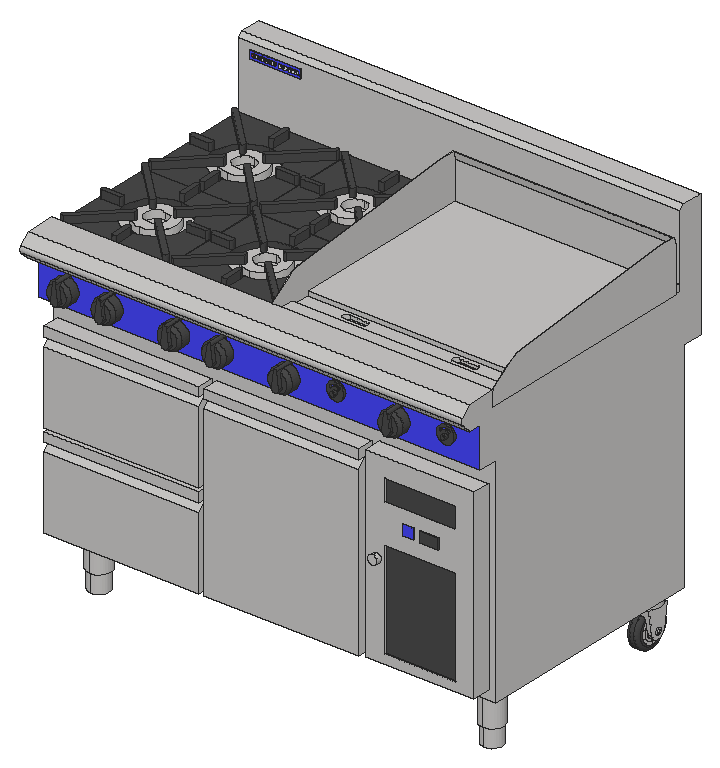
Revit family "QF_MOFFAT_BLUESEAL_CE_G518B-RB", category Specialty Equipment, Revit 2012 (continued)
Definition of nested family "WALDORF LOGO_FACE BASE"
  Forms (mm)
    Extrusion 3, solid, material "QF_Finishes_White", visible <- "Show Logo"
      sketch origin (0, -33.217, 1.588) x (1, 0, 0) y (0, 1, 0)
        loop
          line (91.063, 22.08) -> (83.266, 22.08) -> (83.266, 23.984) -> (86.346, 23.984) -> (86.346, 22.743) -> (92.452, 22.743) -> (92.452, 24.571)
          arc (92.452, 24.571) -> (92.057, 25.524) -> (91.104, 25.919) r 1.348
        loop
          line (70.705, 25.919) -> (59.405, 25.919) -> (59.405, 17.163) -> (70.705, 17.163) -> (70.705, 19.063) -> (65.169, 19.063) -> (65.169, 20.437) -> (70.705, 20.437) -> (70.705, 22.278) -> (65.169, 22.278) -> (65.169, 23.587) -> (70.705, 23.587) -> (70.705, 25.919)
        loop
          line (57.598, 25.919) -> (51.7, 25.919) -> (51.7, 20.18)
          arc (51.7, 20.18) -> (50.63, 19.11) -> (49.56, 20.18) r 1.07
          line (49.56, 20.18) -> (49.56, 25.919) -> (43.663, 25.919) -> (43.663, 19.049)
          arc (43.663, 19.049) -> (44.215, 17.716) -> (45.548, 17.163) r 1.885
          line (45.548, 17.163) -> (55.71, 17.163)
          arc (55.71, 17.163) -> (57.045, 17.716) -> (57.598, 19.051) r 1.887
          line (57.598, 19.051) -> (57.598, 25.919)
        loop
          line (31.62, 25.919) -> (31.62, 17.163) -> (43.046, 17.163) -> (43.046, 19.129) -> (37.388, 19.129) -> (37.388, 25.919) -> (31.62, 25.919)
        loop
          line (15.969, 25.919) -> (15.969, 17.163) -> (28.693, 17.163)
          arc (28.693, 17.163) -> (29.812, 17.627) -> (30.276, 18.746) r 1.582
          line (30.276, 18.746) -> (30.276, 20.447) -> (29.48, 21.243) -> (30.276, 22.039) -> (30.276, 24.332)
          arc (30.276, 24.332) -> (29.811, 25.454) -> (28.688, 25.919) r 1.587
          line (28.688, 25.919) -> (15.969, 25.919)
        loop
          line (21.449, 24.159) -> (21.449, 22.436) -> (23.862, 22.436)
          arc (23.862, 22.436) -> (24.723, 23.298) -> (23.862, 24.159) r 0.861
          line (23.862, 24.159) -> (21.449, 24.159)
        loop
          line (21.449, 20.244) -> (21.449, 18.522) -> (23.862, 18.522)
          arc (23.862, 18.522) -> (24.723, 19.383) -> (23.862, 20.244) r 0.861
          line (23.862, 20.244) -> (21.449, 20.244)
      from 0 to 0.2
    Extrusion 4, solid, material "QF_Finishes_Blue", visible <- "Show Logo"
      sketch origin (-126.498, -31.09, 1.588) x (1, 0, 0) y (0, 1, 0)
        loop
          line (136.738, 23.522) -> (136.738, 15.1)
          arc (136.738, 15.1) -> (140.756, 19.311) -> (136.738, 23.522) r 4.216
      from 0 to 0.2
    Extrusion 5, solid, material "QF_Finishes_Red", visible <- "Show Logo"
      sketch origin (146.849, -31.09, 1.588) x (-1, 0, 0) y (0, -1, 0)
        loop
          arc (136.738, -23.522) -> (140.756, -19.311) -> (136.738, -15.1) r 4.216
          line (136.738, -15.1) -> (136.738, -23.522)
      from 0 to 0.2
  Lines and regions (mm)
    Split face 1
      outline origin (-90.35, -30.793, 1.588) x (1, 0, 0) y (0, 1, 0)
        loop
          circle (100.54, 19.013) r 4.536
  Dimensions and locks
    aligned and locked: plane 2 to Extrusion 1
    aligned and locked: level to Extrusion 1
Definition of nested family "GAS BURNER 600 & GRIDDLE 600"
  Parameters (values of type "GAS BURNER 600 & GRIDDLE 600")
    Width [instance] = 1200.0 mm
    Weight in Pounds = 0
    URL Cutsheet = ""
    Type Mark [instance] = ""
    Status [instance] = ""
    Specification by User [instance] = ""
    Specification by Manufacturer = ""
    Serial Number = ""
    Seismic Rating = ""
    SMACNA No = ""
    Revision Code [instance] = ""
    Omniclass Number and Title = ""
    NAFEM Spec ID Number = ""
    Masterspec = ""
    Item Number [instance] = ""
    Installed By [instance] = ""
    Identify Quantity as Lot [instance] = yes
    Furnished By [instance] = ""
    Foodservice Equipment Identifier [instance] = yes
    Depth [instance] = 635.0 mm
    CSI MasterFormat = ""
    CSI Master Format = ""
  Reference planes
    plane 1 "BACK": y = 0
    plane 2: z = 0
    plane 3 "LEFT": x = 0
    plane 4 "RIGHT": x = 1200
    plane 5 "FRONT": y = -635
    plane 6 "TOP": z = 142.5
    plane 7 "Center Y": x = 600
    plane 8 "Center X": y = -317.5
  Dimensions and locks
    equal spacing: plane 3 "LEFT", plane 7 "Center Y", plane 4 "RIGHT"
    "Width": plane 3 "LEFT" to plane 4 "RIGHT"
    equal spacing: plane 5 "FRONT", plane 8 "Center X", plane 1 "BACK"
    "Depth": plane 5 "FRONT" to plane 1 "BACK"
    aligned and locked: level to plane 2
  Nested families
    nested 1: "GAS BURNER 600" at (0, 0, 0), type "GAS BURNER 600"
      with Width 600.0 mm, Type Mark "", Status "", Specification by User "", Revision Code "", Item Number "", Installed By "", Identify Quantity as Lot yes, Furnished By "", Foodservice Equipment Identifier yes, Depth 635.0 mm
    nested 2: "GAS GRIDDLE PLATE 600" at (600, -15, 0), type "GAS GRIDDLE PLATE 600"
      with Width 600.0 mm, Type Mark "", Status "", Specification by User "", Revision Code "", Item Number "", Installed By "", Identify Quantity as Lot yes, Furnished By "", Foodservice Equipment Identifier yes, Depth 620.0 mm
  Definition of nested family "GAS BURNER 600"
    Parameters (values of type "GAS BURNER 600")
      Width [instance] = 600.0 mm
      Weight in Pounds = 0
      URL Cutsheet = ""
      Type Mark [instance] = ""
      Status [instance] = ""
      Specification by User [instance] = ""
      Specification by Manufacturer = ""
      Serial Number = ""
      Seismic Rating = ""
      SMACNA No = ""
      Revision Code [instance] = ""
      Omniclass Number and Title = ""
      NAFEM Spec ID Number = ""
      Masterspec = ""
      Item Number [instance] = ""
      Installed By [instance] = ""
      Identify Quantity as Lot [instance] = yes
      Furnished By [instance] = ""
      Foodservice Equipment Identifier [instance] = yes
      Depth [instance] = 635.0 mm
      CSI MasterFormat = ""
      CSI Master Format = ""
    Reference planes
      plane 1 "BACK": y = 0
      plane 2: z = 0
      plane 3 "LEFT": x = 0
      plane 4 "RIGHT": x = 600
      plane 5 "FRONT": y = -635
      plane 6 "TOP": z = 142.5
      plane 7 "Center Y": x = 300
      plane 8 "Center X": y = -317.5
    Forms (mm)
      Extrusion 1, solid, material "QF_Finishes_Black"
        sketch origin (0, 0, 0) x (0, -1, 0) y (1, 0, 0)
          loop
            line (318.5, 4) -> (318.5, 296)
            arc (318.5, 296) -> (317.621, 298.121) -> (315.5, 299) r 3
            line (315.5, 299) -> (3, 299)
            arc (3, 299) -> (0.879, 298.121) -> (0, 296) r 3
            line (0, 296) -> (0, 4)
            arc (0, 4) -> (0.879, 1.879) -> (3, 1) r 3
            line (3, 1) -> (315.5, 1)
            arc (315.5, 1) -> (317.621, 1.879) -> (318.5, 4) r 3
          loop
            line (324.5, 1) -> (632, 1)
            arc (632, 1) -> (634.121, 1.879) -> (635, 4) r 3
            line (635, 4) -> (635, 296)
            arc (635, 296) -> (634.121, 298.121) -> (632, 299) r 3
            line (632, 299) -> (324.5, 299)
            arc (324.5, 299) -> (322.379, 298.121) -> (321.5, 296) r 3
            line (321.5, 296) -> (321.5, 4)
            arc (321.5, 4) -> (322.379, 1.879) -> (324.5, 1) r 3
          loop
            circle (168.5, 149.991) r 84.082
          loop
            circle (468.5, 149.991) r 84.082
        from 0 to 19.5
      Extrusion 2, solid, material "QF_Finishes_Black"
        sketch origin (0, 0, 19.5) x (0, -1, 0) y (1, 0, 0)
          loop
            spline (326.102, 15.153) -> (325.181, 13.924) -> (324.631, 12.47) -> (324.49, 10.89) -> (324.767, 9.292) -> (325.443, 7.786) -> (326.473, 6.473) -> (327.786, 5.443) -> (329.292, 4.767) -> (330.89, 4.49) -> (332.47, 4.631) -> (333.924, 5.181) -> (335.153, 6.102)
            line (335.153, 6.102) -> (443.076, 114.025)
            spline (443.076, 114.025) -> (443.837, 115.095) -> (444.238, 116.399) -> (444.251, 117.851) -> (443.875, 119.35) -> (443.137, 120.795) -> (442.086, 122.086) -> (440.795, 123.137) -> (439.35, 123.875) -> (437.851, 124.251) -> (436.399, 124.238) -> (435.095, 123.837) -> (434.025, 123.076)
            line (434.025, 123.076) -> (326.102, 15.153)
          loop
            spline (328.898, 156.4) -> (327.604, 156.182) -> (326.398, 155.543) -> (325.362, 154.525) -> (324.568, 153.2) -> (324.068, 151.656) -> (323.898, 150) -> (324.068, 148.344) -> (324.568, 146.8) -> (325.362, 145.475) -> (326.398, 144.457) -> (327.604, 143.818) -> (328.898, 143.6)
            line (328.898, 143.6) -> (378.102, 143.6)
            spline (378.102, 143.6) -> (379.396, 143.818) -> (380.602, 144.457) -> (381.638, 145.475) -> (382.432, 146.8) -> (382.932, 148.344) -> (383.102, 150) -> (382.932, 151.656) -> (382.432, 153.2) -> (381.638, 154.525) -> (380.602, 155.543) -> (379.396, 156.182) -> (378.102, 156.4)
            line (378.102, 156.4) -> (328.898, 156.4)
          loop
            spline (335.153, 293.898) -> (334.084, 294.659) -> (332.779, 295.059) -> (331.328, 295.072) -> (329.829, 294.697) -> (328.384, 293.959) -> (327.092, 292.908) -> (326.041, 291.616) -> (325.303, 290.171) -> (324.928, 288.672) -> (324.941, 287.221) -> (325.341, 285.916) -> (326.102, 284.847)
            line (326.102, 284.847) -> (434.025, 176.924)
            spline (434.025, 176.924) -> (435.095, 176.163) -> (436.399, 175.762) -> (437.851, 175.749) -> (439.35, 176.125) -> (440.795, 176.863) -> (442.086, 177.914) -> (443.137, 179.205) -> (443.875, 180.65) -> (444.251, 182.149) -> (444.238, 183.601) -> (443.837, 184.905) -> (443.076, 185.975)
            line (443.076, 185.975) -> (335.153, 293.898)
          loop
            line (463.6, 291.102) -> (463.6, 241.898)
            spline (463.6, 241.898) -> (463.818, 240.604) -> (464.457, 239.398) -> (465.475, 238.362) -> (466.8, 237.568) -> (468.344, 237.068) -> (470, 236.898) -> (471.656, 237.068) -> (473.2, 237.568) -> (474.525, 238.362) -> (475.543, 239.398) -> (476.182, 240.604) -> (476.4, 241.898)
            line (476.4, 241.898) -> (476.4, 291.102)
            spline (476.4, 291.102) -> (476.182, 292.396) -> (475.543, 293.602) -> (474.525, 294.638) -> (473.2, 295.432) -> (471.656, 295.932) -> (470, 296.102) -> (468.344, 295.932) -> (466.8, 295.432) -> (465.475, 294.638) -> (464.457, 293.602) -> (463.818, 292.396) -> (463.6, 291.102)
          loop
            spline (612.398, 284.847) -> (613.159, 285.916) -> (613.559, 287.221) -> (613.572, 288.672) -> (613.197, 290.171) -> (612.459, 291.616) -> (611.408, 292.908) -> (610.116, 293.959) -> (608.671, 294.697) -> (607.172, 295.072) -> (605.721, 295.059) -> (604.416, 294.659) -> (603.347, 293.898)
            line (603.347, 293.898) -> (496.924, 185.975)
            spline (496.924, 185.975) -> (496.163, 184.905) -> (495.762, 183.601) -> (495.749, 182.149) -> (496.125, 180.65) -> (496.863, 179.205) -> (497.914, 177.914) -> (499.205, 176.863) -> (500.65, 176.125) -> (502.149, 175.749) -> (503.601, 175.762) -> (504.905, 176.163) -> (505.975, 176.924)
            line (505.975, 176.924) -> (612.398, 284.847)
          loop
            spline (609.602, 143.6) -> (610.896, 143.818) -> (612.102, 144.457) -> (613.138, 145.475) -> (613.932, 146.8) -> (614.432, 148.344) -> (614.602, 150) -> (614.432, 151.656) -> (613.932, 153.2) -> (613.138, 154.525) -> (612.102, 155.543) -> (610.896, 156.182) -> (609.602, 156.4)
            line (609.602, 156.4) -> (561.898, 156.4)
            spline (561.898, 156.4) -> (560.604, 156.182) -> (559.398, 155.543) -> (558.362, 154.525) -> (557.568, 153.2) -> (557.068, 151.656) -> (556.898, 150) -> (557.068, 148.344) -> (557.568, 146.8) -> (558.362, 145.475) -> (559.398, 144.457) -> (560.604, 143.818) -> (561.898, 143.6)
            line (561.898, 143.6) -> (609.602, 143.6)
          loop
            line (612.398, 15.153) -> (505.975, 123.076)
            spline (505.975, 123.076) -> (504.905, 123.837) -> (503.601, 124.238) -> (502.149, 124.251) -> (500.65, 123.875) -> (499.205, 123.137) -> (497.914, 122.086) -> (496.863, 120.795) -> (496.125, 119.35) -> (495.749, 117.851) -> (495.762, 116.399) -> (496.163, 115.095) -> (496.924, 114.025)
            line (496.924, 114.025) -> (603.347, 6.102)
            spline (603.347, 6.102) -> (604.416, 5.341) -> (605.721, 4.941) -> (607.172, 4.928) -> (608.671, 5.303) -> (610.116, 6.041) -> (611.408, 7.092) -> (612.459, 8.384) -> (613.197, 9.829) -> (613.572, 11.328) -> (613.559, 12.779) -> (613.159, 14.084) -> (612.398, 15.153)
          loop
            line (476.4, 8.898) -> (476.4, 58.102)
            spline (476.4, 58.102) -> (476.182, 59.396) -> (475.543, 60.602) -> (474.525, 61.638) -> (473.2, 62.432) -> (471.656, 62.932) -> (470, 63.102) -> (468.344, 62.932) -> (466.8, 62.432) -> (465.475, 61.638) -> (464.457, 60.602) -> (463.818, 59.396) -> (463.6, 58.102)
            line (463.6, 58.102) -> (463.6, 8.898)
            spline (463.6, 8.898) -> (463.818, 7.604) -> (464.457, 6.398) -> (465.475, 5.362) -> (466.8, 4.568) -> (468.344, 4.068) -> (470, 3.898) -> (471.656, 4.068) -> (473.2, 4.568) -> (474.525, 5.362) -> (475.543, 6.398) -> (476.182, 7.604) -> (476.4, 8.898)
          loop
            spline (22.602, 15.153) -> (21.681, 13.924) -> (21.131, 12.47) -> (20.99, 10.89) -> (21.267, 9.292) -> (21.943, 7.786) -> (22.973, 6.473) -> (24.286, 5.443) -> (25.792, 4.767) -> (27.39, 4.49) -> (28.97, 4.631) -> (30.424, 5.181) -> (31.653, 6.102)
            line (31.653, 6.102) -> (139.576, 114.025)
            spline (139.576, 114.025) -> (140.337, 115.095) -> (140.738, 116.399) -> (140.751, 117.851) -> (140.375, 119.35) -> (139.637, 120.795) -> (138.586, 122.086) -> (137.295, 123.137) -> (135.85, 123.875) -> (134.351, 124.251) -> (132.899, 124.238) -> (131.595, 123.837) -> (130.525, 123.076)
            line (130.525, 123.076) -> (22.602, 15.153)
          loop
            spline (25.398, 156.4) -> (24.104, 156.182) -> (22.898, 155.543) -> (21.862, 154.525) -> (21.068, 153.2) -> (20.568, 151.656) -> (20.398, 150) -> (20.568, 148.344) -> (21.068, 146.8) -> (21.862, 145.475) -> (22.898, 144.457) -> (24.104, 143.818) -> (25.398, 143.6)
            line (25.398, 143.6) -> (74.602, 143.6)
            spline (74.602, 143.6) -> (75.896, 143.818) -> (77.102, 144.457) -> (78.138, 145.475) -> (78.932, 146.8) -> (79.432, 148.344) -> (79.602, 150) -> (79.432, 151.656) -> (78.932, 153.2) -> (78.138, 154.525) -> (77.102, 155.543) -> (75.896, 156.182) -> (74.602, 156.4)
            line (74.602, 156.4) -> (25.398, 156.4)
          loop
            spline (31.653, 293.898) -> (30.584, 294.659) -> (29.279, 295.059) -> (27.828, 295.072) -> (26.329, 294.697) -> (24.884, 293.959) -> (23.592, 292.908) -> (22.541, 291.616) -> (21.803, 290.171) -> (21.428, 288.672) -> (21.441, 287.221) -> (21.841, 285.916) -> (22.602, 284.847)
            line (22.602, 284.847) -> (130.525, 176.924)
            spline (130.525, 176.924) -> (131.595, 176.163) -> (132.899, 175.762) -> (134.351, 175.749) -> (135.85, 176.125) -> (137.295, 176.863) -> (138.586, 177.914) -> (139.637, 179.205) -> (140.375, 180.65) -> (140.751, 182.149) -> (140.738, 183.601) -> (140.337, 184.905) -> (139.576, 185.975)
            line (139.576, 185.975) -> (31.653, 293.898)
          loop
            line (160.1, 291.102) -> (160.1, 241.898)
            spline (160.1, 241.898) -> (160.318, 240.604) -> (160.957, 239.398) -> (161.975, 238.362) -> (163.3, 237.568) -> (164.844, 237.068) -> (166.5, 236.898) -> (168.156, 237.068) -> (169.7, 237.568) -> (171.025, 238.362) -> (172.043, 239.398) -> (172.682, 240.604) -> (172.9, 241.898)
            line (172.9, 241.898) -> (172.9, 291.102)
            spline (172.9, 291.102) -> (172.682, 292.396) -> (172.043, 293.602) -> (171.025, 294.638) -> (169.7, 295.432) -> (168.156, 295.932) -> (166.5, 296.102) -> (164.844, 295.932) -> (163.3, 295.432) -> (161.975, 294.638) -> (160.957, 293.602) -> (160.318, 292.396) -> (160.1, 291.102)
          loop
            spline (313.898, 284.847) -> (314.659, 285.916) -> (315.059, 287.221) -> (315.072, 288.672) -> (314.697, 290.171) -> (313.959, 291.616) -> (312.908, 292.908) -> (311.616, 293.959) -> (310.171, 294.697) -> (308.672, 295.072) -> (307.221, 295.059) -> (305.916, 294.659) -> (304.847, 293.898)
            line (304.847, 293.898) -> (193.424, 185.975)
            spline (193.424, 185.975) -> (192.663, 184.905) -> (192.262, 183.601) -> (192.249, 182.149) -> (192.625, 180.65) -> (193.363, 179.205) -> (194.414, 177.914) -> (195.705, 176.863) -> (197.15, 176.125) -> (198.649, 175.749) -> (200.101, 175.762) -> (201.405, 176.163) -> (202.475, 176.924)
            line (202.475, 176.924) -> (313.898, 284.847)
          loop
            spline (311.102, 143.6) -> (312.396, 143.818) -> (313.602, 144.457) -> (314.638, 145.475) -> (315.432, 146.8) -> (315.932, 148.344) -> (316.102, 150) -> (315.932, 151.656) -> (315.432, 153.2) -> (314.638, 154.525) -> (313.602, 155.543) -> (312.396, 156.182) -> (311.102, 156.4)
            line (311.102, 156.4) -> (261.898, 156.4)
            spline (261.898, 156.4) -> (260.604, 156.182) -> (259.398, 155.543) -> (258.362, 154.525) -> (257.568, 153.2) -> (257.068, 151.656) -> (256.898, 150) -> (257.068, 148.344) -> (257.568, 146.8) -> (258.362, 145.475) -> (259.398, 144.457) -> (260.604, 143.818) -> (261.898, 143.6)
            line (261.898, 143.6) -> (311.102, 143.6)
          loop
            line (313.898, 15.153) -> (202.475, 123.076)
            spline (202.475, 123.076) -> (201.405, 123.837) -> (200.101, 124.238) -> (198.649, 124.251) -> (197.15, 123.875) -> (195.705, 123.137) -> (194.414, 122.086) -> (193.363, 120.795) -> (192.625, 119.35) -> (192.249, 117.851) -> (192.262, 116.399) -> (192.663, 115.095) -> (193.424, 114.025)
            line (193.424, 114.025) -> (304.847, 6.102)
            spline (304.847, 6.102) -> (305.916, 5.341) -> (307.221, 4.941) -> (308.672, 4.928) -> (310.171, 5.303) -> (311.616, 6.041) -> (312.908, 7.092) -> (313.959, 8.384) -> (314.697, 9.829) -> (315.072, 11.328) -> (315.059, 12.779) -> (314.659, 14.084) -> (313.898, 15.153)
          loop
            line (172.9, 8.898) -> (172.9, 58.102)
            spline (172.9, 58.102) -> (172.682, 59.396) -> (172.043, 60.602) -> (171.025, 61.638) -> (169.7, 62.432) -> (168.156, 62.932) -> (166.5, 63.102) -> (164.844, 62.932) -> (163.3, 62.432) -> (161.975, 61.638) -> (160.957, 60.602) -> (160.318, 59.396) -> (160.1, 58.102)
            line (160.1, 58.102) -> (160.1, 8.898)
            spline (160.1, 8.898) -> (160.318, 7.604) -> (160.957, 6.398) -> (161.975, 5.362) -> (163.3, 4.568) -> (164.844, 4.068) -> (166.5, 3.898) -> (168.156, 4.068) -> (169.7, 4.568) -> (171.025, 5.362) -> (172.043, 6.398) -> (172.682, 7.604) -> (172.9, 8.898)
        from 0 to 20.5
      Extrusion 3, solid, material "QF_Finishes_Stainless Steel"
        sketch origin (0, -15.098, 0) x (0, -1, 0) y (1, 0, 0)
          loop
            circle (151.402, 150) r 57
          loop
            circle (451.402, 150) r 57
          loop
            circle (151.402, 150) r 30
          loop
            circle (451.402, 150) r 30
        from 0 to 20
      Extrusion 4, solid, material "QF_Finishes_Black"
        sketch origin (600, 0, 0) x (0, -1, 0) y (1, 0, 0)
          loop
            arc (318.5, -4) -> (317.621, -1.879) -> (315.5, -1) r 3
            line (315.5, -1) -> (3, -1)
            arc (3, -1) -> (0.879, -1.879) -> (0, -4) r 3
            line (0, -4) -> (0, -296)
            arc (0, -296) -> (0.879, -298.121) -> (3, -299) r 3
            line (3, -299) -> (315.5, -299)
            arc (315.5, -299) -> (317.621, -298.121) -> (318.5, -296) r 3
            line (318.5, -296) -> (318.5, -4)
          loop
            arc (324.5, -1) -> (322.379, -1.879) -> (321.5, -4) r 3
            line (321.5, -4) -> (321.5, -296)
            arc (321.5, -296) -> (322.379, -298.121) -> (324.5, -299) r 3
            line (324.5, -299) -> (632, -299)
            arc (632, -299) -> (634.121, -298.121) -> (635, -296) r 3
            line (635, -296) -> (635, -4)
            arc (635, -4) -> (634.121, -1.879) -> (632, -1) r 3
            line (632, -1) -> (324.5, -1)
          loop
            circle (168.5, -149.991) r 84.082
          loop
            circle (468.5, -149.991) r 84.082
        from 0 to 19.5
      Extrusion 5, solid, material "QF_Finishes_Black"
        sketch origin (600, 0, 19.5) x (0, -1, 0) y (1, 0, 0)
          loop
            line (326.102, -15.153) -> (434.025, -123.076)
            spline (434.025, -123.076) -> (435.095, -123.837) -> (436.399, -124.238) -> (437.851, -124.251) -> (439.35, -123.875) -> (440.795, -123.137) -> (442.086, -122.086) -> (443.137, -120.795) -> (443.875, -119.35) -> (444.251, -117.851) -> (444.238, -116.399) -> (443.837, -115.095) -> (443.076, -114.025)
            line (443.076, -114.025) -> (335.153, -6.102)
            spline (335.153, -6.102) -> (333.924, -5.181) -> (332.47, -4.631) -> (330.89, -4.49) -> (329.292, -4.767) -> (327.786, -5.443) -> (326.473, -6.473) -> (325.443, -7.786) -> (324.767, -9.292) -> (324.49, -10.89) -> (324.631, -12.47) -> (325.181, -13.924) -> (326.102, -15.153)
          loop
            line (328.898, -156.4) -> (378.102, -156.4)
            spline (378.102, -156.4) -> (379.396, -156.182) -> (380.602, -155.543) -> (381.638, -154.525) -> (382.432, -153.2) -> (382.932, -151.656) -> (383.102, -150) -> (382.932, -148.344) -> (382.432, -146.8) -> (381.638, -145.475) -> (380.602, -144.457) -> (379.396, -143.818) -> (378.102, -143.6)
            line (378.102, -143.6) -> (328.898, -143.6)
            spline (328.898, -143.6) -> (327.604, -143.818) -> (326.398, -144.457) -> (325.362, -145.475) -> (324.568, -146.8) -> (324.068, -148.344) -> (323.898, -150) -> (324.068, -151.656) -> (324.568, -153.2) -> (325.362, -154.525) -> (326.398, -155.543) -> (327.604, -156.182) -> (328.898, -156.4)
          loop
            line (335.153, -293.898) -> (443.076, -185.975)
            spline (443.076, -185.975) -> (443.837, -184.905) -> (444.238, -183.601) -> (444.251, -182.149) -> (443.875, -180.65) -> (443.137, -179.205) -> (442.086, -177.914) -> (440.795, -176.863) -> (439.35, -176.125) -> (437.851, -175.749) -> (436.399, -175.762) -> (435.095, -176.163) -> (434.025, -176.924)
            line (434.025, -176.924) -> (326.102, -284.847)
            spline (326.102, -284.847) -> (325.341, -285.916) -> (324.941, -287.221) -> (324.928, -288.672) -> (325.303, -290.171) -> (326.041, -291.616) -> (327.092, -292.908) -> (328.384, -293.959) -> (329.829, -294.697) -> (331.328, -295.072) -> (332.779, -295.059) -> (334.084, -294.659) -> (335.153, -293.898)
          loop
            spline (463.6, -291.102) -> (463.818, -292.396) -> (464.457, -293.602) -> (465.475, -294.638) -> (466.8, -295.432) -> (468.344, -295.932) -> (470, -296.102) -> (471.656, -295.932) -> (473.2, -295.432) -> (474.525, -294.638) -> (475.543, -293.602) -> (476.182, -292.396) -> (476.4, -291.102)
            line (476.4, -291.102) -> (476.4, -241.898)
            spline (476.4, -241.898) -> (476.182, -240.604) -> (475.543, -239.398) -> (474.525, -238.362) -> (473.2, -237.568) -> (471.656, -237.068) -> (470, -236.898) -> (468.344, -237.068) -> (466.8, -237.568) -> (465.475, -238.362) -> (464.457, -239.398) -> (463.818, -240.604) -> (463.6, -241.898)
            line (463.6, -241.898) -> (463.6, -291.102)
          loop
            line (612.398, -284.847) -> (505.975, -176.924)
            spline (505.975, -176.924) -> (504.905, -176.163) -> (503.601, -175.762) -> (502.149, -175.749) -> (500.65, -176.125) -> (499.205, -176.863) -> (497.914, -177.914) -> (496.863, -179.205) -> (496.125, -180.65) -> (495.749, -182.149) -> (495.762, -183.601) -> (496.163, -184.905) -> (496.924, -185.975)
            line (496.924, -185.975) -> (603.347, -293.898)
            spline (603.347, -293.898) -> (604.416, -294.659) -> (605.721, -295.059) -> (607.172, -295.072) -> (608.671, -294.697) -> (610.116, -293.959) -> (611.408, -292.908) -> (612.459, -291.616) -> (613.197, -290.171) -> (613.572, -288.672) -> (613.559, -287.221) -> (613.159, -285.916) -> (612.398, -284.847)
          loop
            line (609.602, -143.6) -> (561.898, -143.6)
            spline (561.898, -143.6) -> (560.604, -143.818) -> (559.398, -144.457) -> (558.362, -145.475) -> (557.568, -146.8) -> (557.068, -148.344) -> (556.898, -150) -> (557.068, -151.656) -> (557.568, -153.2) -> (558.362, -154.525) -> (559.398, -155.543) -> (560.604, -156.182) -> (561.898, -156.4)
            line (561.898, -156.4) -> (609.602, -156.4)
            spline (609.602, -156.4) -> (610.896, -156.182) -> (612.102, -155.543) -> (613.138, -154.525) -> (613.932, -153.2) -> (614.432, -151.656) -> (614.602, -150) -> (614.432, -148.344) -> (613.932, -146.8) -> (613.138, -145.475) -> (612.102, -144.457) -> (610.896, -143.818) -> (609.602, -143.6)
          loop
            spline (612.398, -15.153) -> (613.159, -14.084) -> (613.559, -12.779) -> (613.572, -11.328) -> (613.197, -9.829) -> (612.459, -8.384) -> (611.408, -7.092) -> (610.116, -6.041) -> (608.671, -5.303) -> (607.172, -4.928) -> (605.721, -4.941) -> (604.416, -5.341) -> (603.347, -6.102)
            line (603.347, -6.102) -> (496.924, -114.025)
            spline (496.924, -114.025) -> (496.163, -115.095) -> (495.762, -116.399) -> (495.749, -117.851) -> (496.125, -119.35) -> (496.863, -120.795) -> (497.914, -122.086) -> (499.205, -123.137) -> (500.65, -123.875) -> (502.149, -124.251) -> (503.601, -124.238) -> (504.905, -123.837) -> (505.975, -123.076)
            line (505.975, -123.076) -> (612.398, -15.153)
          loop
            spline (476.4, -8.898) -> (476.182, -7.604) -> (475.543, -6.398) -> (474.525, -5.362) -> (473.2, -4.568) -> (471.656, -4.068) -> (470, -3.898) -> (468.344, -4.068) -> (466.8, -4.568) -> (465.475, -5.362) -> (464.457, -6.398) -> (463.818, -7.604) -> (463.6, -8.898)
            line (463.6, -8.898) -> (463.6, -58.102)
            spline (463.6, -58.102) -> (463.818, -59.396) -> (464.457, -60.602) -> (465.475, -61.638) -> (466.8, -62.432) -> (468.344, -62.932) -> (470, -63.102) -> (471.656, -62.932) -> (473.2, -62.432) -> (474.525, -61.638) -> (475.543, -60.602) -> (476.182, -59.396) -> (476.4, -58.102)
            line (476.4, -58.102) -> (476.4, -8.898)
          loop
            line (22.602, -15.153) -> (130.525, -123.076)
            spline (130.525, -123.076) -> (131.595, -123.837) -> (132.899, -124.238) -> (134.351, -124.251) -> (135.85, -123.875) -> (137.295, -123.137) -> (138.586, -122.086) -> (139.637, -120.795) -> (140.375, -119.35) -> (140.751, -117.851) -> (140.738, -116.399) -> (140.337, -115.095) -> (139.576, -114.025)
            line (139.576, -114.025) -> (31.653, -6.102)
            spline (31.653, -6.102) -> (30.424, -5.181) -> (28.97, -4.631) -> (27.39, -4.49) -> (25.792, -4.767) -> (24.286, -5.443) -> (22.973, -6.473) -> (21.943, -7.786) -> (21.267, -9.292) -> (20.99, -10.89) -> (21.131, -12.47) -> (21.681, -13.924) -> (22.602, -15.153)
          loop
            line (25.398, -156.4) -> (74.602, -156.4)
            spline (74.602, -156.4) -> (75.896, -156.182) -> (77.102, -155.543) -> (78.138, -154.525) -> (78.932, -153.2) -> (79.432, -151.656) -> (79.602, -150) -> (79.432, -148.344) -> (78.932, -146.8) -> (78.138, -145.475) -> (77.102, -144.457) -> (75.896, -143.818) -> (74.602, -143.6)
            line (74.602, -143.6) -> (25.398, -143.6)
            spline (25.398, -143.6) -> (24.104, -143.818) -> (22.898, -144.457) -> (21.862, -145.475) -> (21.068, -146.8) -> (20.568, -148.344) -> (20.398, -150) -> (20.568, -151.656) -> (21.068, -153.2) -> (21.862, -154.525) -> (22.898, -155.543) -> (24.104, -156.182) -> (25.398, -156.4)
          loop
            line (31.653, -293.898) -> (139.576, -185.975)
            spline (139.576, -185.975) -> (140.337, -184.905) -> (140.738, -183.601) -> (140.751, -182.149) -> (140.375, -180.65) -> (139.637, -179.205) -> (138.586, -177.914) -> (137.295, -176.863) -> (135.85, -176.125) -> (134.351, -175.749) -> (132.899, -175.762) -> (131.595, -176.163) -> (130.525, -176.924)
            line (130.525, -176.924) -> (22.602, -284.847)
            spline (22.602, -284.847) -> (21.841, -285.916) -> (21.441, -287.221) -> (21.428, -288.672) -> (21.803, -290.171) -> (22.541, -291.616) -> (23.592, -292.908) -> (24.884, -293.959) -> (26.329, -294.697) -> (27.828, -295.072) -> (29.279, -295.059) -> (30.584, -294.659) -> (31.653, -293.898)
          loop
            spline (160.1, -291.102) -> (160.318, -292.396) -> (160.957, -293.602) -> (161.975, -294.638) -> (163.3, -295.432) -> (164.844, -295.932) -> (166.5, -296.102) -> (168.156, -295.932) -> (169.7, -295.432) -> (171.025, -294.638) -> (172.043, -293.602) -> (172.682, -292.396) -> (172.9, -291.102)
            line (172.9, -291.102) -> (172.9, -241.898)
            spline (172.9, -241.898) -> (172.682, -240.604) -> (172.043, -239.398) -> (171.025, -238.362) -> (169.7, -237.568) -> (168.156, -237.068) -> (166.5, -236.898) -> (164.844, -237.068) -> (163.3, -237.568) -> (161.975, -238.362) -> (160.957, -239.398) -> (160.318, -240.604) -> (160.1, -241.898)
            line (160.1, -241.898) -> (160.1, -291.102)
          loop
            line (313.898, -284.847) -> (202.475, -176.924)
            spline (202.475, -176.924) -> (201.405, -176.163) -> (200.101, -175.762) -> (198.649, -175.749) -> (197.15, -176.125) -> (195.705, -176.863) -> (194.414, -177.914) -> (193.363, -179.205) -> (192.625, -180.65) -> (192.249, -182.149) -> (192.262, -183.601) -> (192.663, -184.905) -> (193.424, -185.975)
            line (193.424, -185.975) -> (304.847, -293.898)
            spline (304.847, -293.898) -> (305.916, -294.659) -> (307.221, -295.059) -> (308.672, -295.072) -> (310.171, -294.697) -> (311.616, -293.959) -> (312.908, -292.908) -> (313.959, -291.616) -> (314.697, -290.171) -> (315.072, -288.672) -> (315.059, -287.221) -> (314.659, -285.916) -> (313.898, -284.847)
          loop
            line (311.102, -143.6) -> (261.898, -143.6)
            spline (261.898, -143.6) -> (260.604, -143.818) -> (259.398, -144.457) -> (258.362, -145.475) -> (257.568, -146.8) -> (257.068, -148.344) -> (256.898, -150) -> (257.068, -151.656) -> (257.568, -153.2) -> (258.362, -154.525) -> (259.398, -155.543) -> (260.604, -156.182) -> (261.898, -156.4)
            line (261.898, -156.4) -> (311.102, -156.4)
            spline (311.102, -156.4) -> (312.396, -156.182) -> (313.602, -155.543) -> (314.638, -154.525) -> (315.432, -153.2) -> (315.932, -151.656) -> (316.102, -150) -> (315.932, -148.344) -> (315.432, -146.8) -> (314.638, -145.475) -> (313.602, -144.457) -> (312.396, -143.818) -> (311.102, -143.6)
          loop
            spline (313.898, -15.153) -> (314.659, -14.084) -> (315.059, -12.779) -> (315.072, -11.328) -> (314.697, -9.829) -> (313.959, -8.384) -> (312.908, -7.092) -> (311.616, -6.041) -> (310.171, -5.303) -> (308.672, -4.928) -> (307.221, -4.941) -> (305.916, -5.341) -> (304.847, -6.102)
            line (304.847, -6.102) -> (193.424, -114.025)
            spline (193.424, -114.025) -> (192.663, -115.095) -> (192.262, -116.399) -> (192.249, -117.851) -> (192.625, -119.35) -> (193.363, -120.795) -> (194.414, -122.086) -> (195.705, -123.137) -> (197.15, -123.875) -> (198.649, -124.251) -> (200.101, -124.238) -> (201.405, -123.837) -> (202.475, -123.076)
            line (202.475, -123.076) -> (313.898, -15.153)
          loop
            spline (172.9, -8.898) -> (172.682, -7.604) -> (172.043, -6.398) -> (171.025, -5.362) -> (169.7, -4.568) -> (168.156, -4.068) -> (166.5, -3.898) -> (164.844, -4.068) -> (163.3, -4.568) -> (161.975, -5.362) -> (160.957, -6.398) -> (160.318, -7.604) -> (160.1, -8.898)
            line (160.1, -8.898) -> (160.1, -58.102)
            spline (160.1, -58.102) -> (160.318, -59.396) -> (160.957, -60.602) -> (161.975, -61.638) -> (163.3, -62.432) -> (164.844, -62.932) -> (166.5, -63.102) -> (168.156, -62.932) -> (169.7, -62.432) -> (171.025, -61.638) -> (172.043, -60.602) -> (172.682, -59.396) -> (172.9, -58.102)
            line (172.9, -58.102) -> (172.9, -8.898)
        from 0 to 20.5
      Extrusion 6, solid, material "QF_Finishes_Stainless Steel"
        sketch origin (600, -15.098, 0) x (0, -1, 0) y (1, 0, 0)
          loop
            circle (151.402, -150) r 57
          loop
            circle (451.402, -150) r 57
          loop
            circle (151.402, -150) r 30
          loop
            circle (451.402, -150) r 30
        from 0 to 20
    Lines and regions (mm)
      symbolic lines
        curve 1: line (284.847, -22.602, 0) -> (176.924, -130.525, 0)
        curve 2: spline (176.924, -130.525, 0) -> (176.163, -131.595, 0) -> (175.762, -132.899, 0) -> (175.749, -134.351, 0) -> (176.125, -135.85, 0) -> (176.863, -137.295, 0) -> (177.914, -138.586, 0) -> (179.205, -139.637, 0) -> (180.65, -140.375, 0) -> (182.149, -140.751, 0) -> (183.601, -140.738, 0) -> (184.905, -140.337, 0) -> (185.975, -139.576, 0)
        curve 3: line (185.975, -139.576, 0) -> (293.898, -31.653, 0)
        curve 4: spline (293.898, -31.653, 0) -> (294.659, -30.584, 0) -> (295.059, -29.279, 0) -> (295.072, -27.828, 0) -> (294.697, -26.329, 0) -> (293.959, -24.884, 0) -> (292.908, -23.592, 0) -> (291.616, -22.541, 0) -> (290.171, -21.803, 0) -> (288.672, -21.428, 0) -> (287.221, -21.441, 0) -> (285.916, -21.841, 0) -> (284.847, -22.602, 0)
        curve 5: line (291.102, -160.1, 0) -> (241.898, -160.1, 0)
        curve 6: spline (241.898, -160.1, 0) -> (240.604, -160.318, 0) -> (239.398, -160.957, 0) -> (238.362, -161.975, 0) -> (237.568, -163.3, 0) -> (237.068, -164.844, 0) -> (236.898, -166.5, 0) -> (237.068, -168.156, 0) -> (237.568, -169.7, 0) -> (238.362, -171.025, 0) -> (239.398, -172.043, 0) -> (240.604, -172.682, 0) -> (241.898, -172.9, 0)
        curve 7: line (241.898, -172.9, 0) -> (291.102, -172.9, 0)
        curve 8: spline (291.102, -172.9, 0) -> (292.396, -172.682, 0) -> (293.602, -172.043, 0) -> (294.638, -171.025, 0) -> (295.432, -169.7, 0) -> (295.932, -168.156, 0) -> (296.102, -166.5, 0) -> (295.932, -164.844, 0) -> (295.432, -163.3, 0) -> (294.638, -161.975, 0) -> (293.602, -160.957, 0) -> (292.396, -160.318, 0) -> (291.102, -160.1, 0)
        curve 9: line (306.102, -31.653, 0) -> (414.025, -139.576, 0)
        curve 10: spline (414.025, -139.576, 0) -> (415.095, -140.337, 0) -> (416.399, -140.738, 0) -> (417.851, -140.751, 0) -> (419.35, -140.375, 0) -> (420.795, -139.637, 0) -> (422.086, -138.586, 0) -> (423.137, -137.295, 0) -> (423.875, -135.85, 0) -> (424.251, -134.351, 0) -> (424.238, -132.899, 0) -> (423.837, -131.595, 0) -> (423.076, -130.525, 0)
        curve 11: line (423.076, -130.525, 0) -> (315.153, -22.602, 0)
        curve 12: spline (315.153, -22.602, 0) -> (314.084, -21.841, 0) -> (312.779, -21.441, 0) -> (311.328, -21.428, 0) -> (309.829, -21.803, 0) -> (308.384, -22.541, 0) -> (307.092, -23.592, 0) -> (306.041, -24.884, 0) -> (305.303, -26.329, 0) -> (304.928, -27.828, 0) -> (304.941, -29.279, 0) -> (305.341, -30.584, 0) -> (306.102, -31.653, 0)
        curve 13: line (443.6, -25.398, 0) -> (443.6, -74.602, 0)
        curve 14: spline (443.6, -74.602, 0) -> (443.818, -75.896, 0) -> (444.457, -77.102, 0) -> (445.475, -78.138, 0) -> (446.8, -78.932, 0) -> (448.344, -79.432, 0) -> (450, -79.602, 0) -> (451.656, -79.432, 0) -> (453.2, -78.932, 0) -> (454.525, -78.138, 0) -> (455.543, -77.102, 0) -> (456.182, -75.896, 0) -> (456.4, -74.602, 0)
        curve 15: line (456.4, -74.602, 0) -> (456.4, -25.398, 0)
        curve 16: spline (456.4, -25.398, 0) -> (456.182, -24.104, 0) -> (455.543, -22.898, 0) -> (454.525, -21.862, 0) -> (453.2, -21.068, 0) -> (451.656, -20.568, 0) -> (450, -20.398, 0) -> (448.344, -20.568, 0) -> (446.8, -21.068, 0) -> (445.475, -21.862, 0) -> (444.457, -22.898, 0) -> (443.818, -24.104, 0) -> (443.6, -25.398, 0)
        curve 17: line (584.847, -22.602, 0) -> (476.924, -130.525, 0)
        curve 18: spline (476.924, -130.525, 0) -> (476.163, -131.595, 0) -> (475.762, -132.899, 0) -> (475.749, -134.351, 0) -> (476.125, -135.85, 0) -> (476.863, -137.295, 0) -> (477.914, -138.586, 0) -> (479.205, -139.637, 0) -> (480.65, -140.375, 0) -> (482.149, -140.751, 0) -> (483.601, -140.738, 0) -> (484.905, -140.337, 0) -> (485.975, -139.576, 0)
        curve 19: line (485.975, -139.576, 0) -> (593.898, -31.653, 0)
        curve 20: spline (593.898, -31.653, 0) -> (594.819, -30.424, 0) -> (595.369, -28.97, 0) -> (595.51, -27.39, 0) -> (595.233, -25.792, 0) -> (594.557, -24.286, 0) -> (593.527, -22.973, 0) -> (592.214, -21.943, 0) -> (590.708, -21.267, 0) -> (589.11, -20.99, 0) -> (587.53, -21.131, 0) -> (586.076, -21.681, 0) -> (584.847, -22.602, 0)
        curve 21: line (591.102, -160.1, 0) -> (541.898, -160.1, 0)
        curve 22: spline (541.898, -160.1, 0) -> (540.604, -160.318, 0) -> (539.398, -160.957, 0) -> (538.362, -161.975, 0) -> (537.568, -163.3, 0) -> (537.068, -164.844, 0) -> (536.898, -166.5, 0) -> (537.068, -168.156, 0) -> (537.568, -169.7, 0) -> (538.362, -171.025, 0) -> (539.398, -172.043, 0) -> (540.604, -172.682, 0) -> (541.898, -172.9, 0)
        curve 23: line (541.898, -172.9, 0) -> (591.102, -172.9, 0)
        curve 24: spline (591.102, -172.9, 0) -> (592.396, -172.682, 0) -> (593.602, -172.043, 0) -> (594.638, -171.025, 0) -> (595.432, -169.7, 0) -> (595.932, -168.156, 0) -> (596.102, -166.5, 0) -> (595.932, -164.844, 0) -> (595.432, -163.3, 0) -> (594.638, -161.975, 0) -> (593.602, -160.957, 0) -> (592.396, -160.318, 0) -> (591.102, -160.1, 0)
        curve 25: line (593.898, -304.847, 0) -> (485.975, -193.424, 0)
        curve 26: spline (485.975, -193.424, 0) -> (484.905, -192.663, 0) -> (483.601, -192.262, 0) -> (482.149, -192.249, 0) -> (480.65, -192.625, 0) -> (479.205, -193.363, 0) -> (477.914, -194.414, 0) -> (476.863, -195.705, 0) -> (476.125, -197.15, 0) -> (475.749, -198.649, 0) -> (475.762, -200.101, 0) -> (476.163, -201.405, 0) -> (476.924, -202.475, 0)
        curve 27: line (476.924, -202.475, 0) -> (584.847, -313.898, 0)
        curve 28: spline (584.847, -313.898, 0) -> (585.916, -314.659, 0) -> (587.221, -315.059, 0) -> (588.672, -315.072, 0) -> (590.171, -314.697, 0) -> (591.616, -313.959, 0) -> (592.908, -312.908, 0) -> (593.959, -311.616, 0) -> (594.697, -310.171, 0) -> (595.072, -308.672, 0) -> (595.059, -307.221, 0) -> (594.659, -305.916, 0) -> (593.898, -304.847, 0)
        curve 29: arc (450, -223.5, 0) -> (468.725, -220.336, 0) -> (485.372, -211.197, 0) r 57
        curve 30: arc (450, -109.5, 0) -> (431.183, -112.696, 0) -> (414.475, -121.924, 0) r 57
        curve 31: arc (450.009, -84.418, 0) -> (478.534, -89.404, 0) -> (503.676, -103.773, 0) r 84.082
        curve 32: arc (450.009, -252.582, 0) -> (420.453, -247.216, 0) -> (394.669, -231.803, 0) r 84.082
        curve 33: arc (450, -136.5, 0) -> (480, -166.5, 0) -> (450, -196.5, 0) r 30
        curve 34: arc (450, -196.5, 0) -> (420, -166.5, 0) -> (450, -136.5, 0) r 30
        curve 35: arc (150, -223.5, 0) -> (168.725, -220.336, 0) -> (185.372, -211.197, 0) r 57
        curve 36: arc (150, -109.5, 0) -> (131.183, -112.696, 0) -> (114.475, -121.924, 0) r 57
        curve 37: arc (149.991, -84.418, 0) -> (178.523, -89.406, 0) -> (203.668, -103.781, 0) r 84.082
        curve 38: arc (149.991, -252.582, 0) -> (120.441, -247.219, 0) -> (94.661, -231.812, 0) r 84.082
        curve 39: line (156.4, -74.602, 0) -> (156.4, -25.398, 0)
        curve 40: spline (156.4, -25.398, 0) -> (156.182, -24.104, 0) -> (155.543, -22.898, 0) -> (154.525, -21.862, 0) -> (153.2, -21.068, 0) -> (151.656, -20.568, 0) -> (150, -20.398, 0) -> (148.344, -20.568, 0) -> (146.8, -21.068, 0) -> (145.475, -21.862, 0) -> (144.457, -22.898, 0) -> (143.818, -24.104, 0) -> (143.6, -25.398, 0)
        curve 41: line (143.6, -25.398, 0) -> (143.6, -74.602, 0)
        curve 42: spline (143.6, -74.602, 0) -> (143.818, -75.896, 0) -> (144.457, -77.102, 0) -> (145.475, -78.138, 0) -> (146.8, -78.932, 0) -> (148.344, -79.432, 0) -> (150, -79.602, 0) -> (151.656, -79.432, 0) -> (153.2, -78.932, 0) -> (154.525, -78.138, 0) -> (155.543, -77.102, 0) -> (156.182, -75.896, 0) -> (156.4, -74.602, 0)
        curve 43: line (358.102, -160.1, 0) -> (308.898, -160.1, 0)
        curve 44: spline (308.898, -160.1, 0) -> (307.604, -160.318, 0) -> (306.398, -160.957, 0) -> (305.362, -161.975, 0) -> (304.568, -163.3, 0) -> (304.068, -164.844, 0) -> (303.898, -166.5, 0) -> (304.068, -168.156, 0) -> (304.568, -169.7, 0) -> (305.362, -171.025, 0) -> (306.398, -172.043, 0) -> (307.604, -172.682, 0) -> (308.898, -172.9, 0)
        curve 45: line (308.898, -172.9, 0) -> (358.102, -172.9, 0)
        curve 46: spline (358.102, -172.9, 0) -> (359.396, -172.682, 0) -> (360.602, -172.043, 0) -> (361.638, -171.025, 0) -> (362.432, -169.7, 0) -> (362.932, -168.156, 0) -> (363.102, -166.5, 0) -> (362.932, -164.844, 0) -> (362.432, -163.3, 0) -> (361.638, -161.975, 0) -> (360.602, -160.957, 0) -> (359.396, -160.318, 0) -> (358.102, -160.1, 0)
        curve 47: line (414.025, -193.424, 0) -> (306.102, -304.847, 0)
        curve 48: spline (306.102, -304.847, 0) -> (305.341, -305.916, 0) -> (304.941, -307.221, 0) -> (304.928, -308.672, 0) -> (305.303, -310.171, 0) -> (306.041, -311.616, 0) -> (307.092, -312.908, 0) -> (308.384, -313.959, 0) -> (309.829, -314.697, 0) -> (311.328, -315.072, 0) -> (312.779, -315.059, 0) -> (314.084, -314.659, 0) -> (315.153, -313.898, 0)
        curve 49: line (315.153, -313.898, 0) -> (423.076, -202.475, 0)
        curve 50: spline (423.076, -202.475, 0) -> (423.837, -201.405, 0) -> (424.238, -200.101, 0) -> (424.251, -198.649, 0) -> (423.875, -197.15, 0) -> (423.137, -195.705, 0) -> (422.086, -194.414, 0) -> (420.795, -193.363, 0) -> (419.35, -192.625, 0) -> (417.851, -192.249, 0) -> (416.399, -192.262, 0) -> (415.095, -192.663, 0) -> (414.025, -193.424, 0)
        curve 51: line (456.4, -311.102, 0) -> (456.4, -261.898, 0)
        curve 52: spline (456.4, -261.898, 0) -> (456.182, -260.604, 0) -> (455.543, -259.398, 0) -> (454.525, -258.362, 0) -> (453.2, -257.568, 0) -> (451.656, -257.068, 0) -> (450, -256.898, 0) -> (448.344, -257.068, 0) -> (446.8, -257.568, 0) -> (445.475, -258.362, 0) -> (444.457, -259.398, 0) -> (443.818, -260.604, 0) -> (443.6, -261.898, 0)
        curve 53: line (443.6, -261.898, 0) -> (443.6, -311.102, 0)
        curve 54: spline (443.6, -311.102, 0) -> (443.818, -312.396, 0) -> (444.457, -313.602, 0) -> (445.475, -314.638, 0) -> (446.8, -315.432, 0) -> (448.344, -315.932, 0) -> (450, -316.102, 0) -> (451.656, -315.932, 0) -> (453.2, -315.432, 0) -> (454.525, -314.638, 0) -> (455.543, -313.602, 0) -> (456.182, -312.396, 0) -> (456.4, -311.102, 0)
        curve 55: line (596, 0, 0) -> (304, 0, 0)
        curve 56: arc (304, 0, 0) -> (301.879, -0.879, 0) -> (301, -3, 0) r 3
        curve 57: line (301, -3, 0) -> (301, -315.5, 0)
        curve 58: arc (301, -315.5, 0) -> (301.879, -317.621, 0) -> (304, -318.5, 0) r 3
        curve 59: line (304, -318.5, 0) -> (596, -318.5, 0)
        curve 60: arc (596, -318.5, 0) -> (598.121, -317.621, 0) -> (599, -315.5, 0) r 3
        curve 61: line (599, -315.5, 0) -> (599, -3, 0)
        curve 62: arc (599, -3, 0) -> (598.121, -0.879, 0) -> (596, 0, 0) r 3
        curve 63: line (296, 0, 0) -> (4, 0, 0)
        curve 64: arc (4, 0, 0) -> (1.879, -0.879, 0) -> (1, -3, 0) r 3
        curve 65: line (1, -3, 0) -> (1, -315.5, 0)
        curve 66: arc (1, -315.5, 0) -> (1.879, -317.621, 0) -> (4, -318.5, 0) r 3
        curve 67: line (4, -318.5, 0) -> (296, -318.5, 0)
        curve 68: arc (296, -318.5, 0) -> (298.121, -317.621, 0) -> (299, -315.5, 0) r 3
        curve 69: line (299, -315.5, 0) -> (299, -3, 0)
        curve 70: arc (299, -3, 0) -> (298.121, -0.879, 0) -> (296, 0, 0) r 3
        curve 71: line (296, -321.5, 0) -> (4, -321.5, 0)
        curve 72: arc (4, -321.5, 0) -> (1.879, -322.379, 0) -> (1, -324.5, 0) r 3
        curve 73: line (1, -324.5, 0) -> (1, -632, 0)
        curve 74: arc (1, -632, 0) -> (1.879, -634.121, 0) -> (4, -635, 0) r 3
        curve 75: line (4, -635, 0) -> (296, -635, 0)
        curve 76: arc (296, -635, 0) -> (298.121, -634.121, 0) -> (299, -632, 0) r 3
        curve 77: line (299, -632, 0) -> (299, -324.5, 0)
        curve 78: arc (299, -324.5, 0) -> (298.121, -322.379, 0) -> (296, -321.5, 0) r 3
        curve 79: line (596, -321.5, 0) -> (304, -321.5, 0)
        curve 80: arc (304, -321.5, 0) -> (301.879, -322.379, 0) -> (301, -324.5, 0) r 3
        curve 81: line (301, -324.5, 0) -> (301, -632, 0)
        curve 82: arc (301, -632, 0) -> (301.879, -634.121, 0) -> (304, -635, 0) r 3
        curve 83: line (304, -635, 0) -> (596, -635, 0)
        curve 84: arc (596, -635, 0) -> (598.121, -634.121, 0) -> (599, -632, 0) r 3
        curve 85: line (599, -632, 0) -> (599, -324.5, 0)
        curve 86: arc (599, -324.5, 0) -> (598.121, -322.379, 0) -> (596, -321.5, 0) r 3
        curve 87: line (293.898, -304.847, 0) -> (185.975, -193.424, 0)
        curve 88: spline (185.975, -193.424, 0) -> (184.905, -192.663, 0) -> (183.601, -192.262, 0) -> (182.149, -192.249, 0) -> (180.65, -192.625, 0) -> (179.205, -193.363, 0) -> (177.914, -194.414, 0) -> (176.863, -195.705, 0) -> (176.125, -197.15, 0) -> (175.749, -198.649, 0) -> (175.762, -200.101, 0) -> (176.163, -201.405, 0) -> (176.924, -202.475, 0)
        curve 89: line (176.924, -202.475, 0) -> (284.847, -313.898, 0)
        curve 90: spline (284.847, -313.898, 0) -> (285.916, -314.659, 0) -> (287.221, -315.059, 0) -> (288.672, -315.072, 0) -> (290.171, -314.697, 0) -> (291.616, -313.959, 0) -> (292.908, -312.908, 0) -> (293.959, -311.616, 0) -> (294.697, -310.171, 0) -> (295.072, -308.672, 0) -> (295.059, -307.221, 0) -> (294.659, -305.916, 0) -> (293.898, -304.847, 0)
        curve 91: line (15.153, -313.898, 0) -> (123.076, -202.475, 0)
        curve 92: spline (123.076, -202.475, 0) -> (123.837, -201.405, 0) -> (124.238, -200.101, 0) -> (124.251, -198.649, 0) -> (123.875, -197.15, 0) -> (123.137, -195.705, 0) -> (122.086, -194.414, 0) -> (120.795, -193.363, 0) -> (119.35, -192.625, 0) -> (117.851, -192.249, 0) -> (116.399, -192.262, 0) -> (115.095, -192.663, 0) -> (114.025, -193.424, 0)
        curve 93: line (114.025, -193.424, 0) -> (6.102, -304.847, 0)
        curve 94: spline (6.102, -304.847, 0) -> (5.341, -305.916, 0) -> (4.941, -307.221, 0) -> (4.928, -308.672, 0) -> (5.303, -310.171, 0) -> (6.041, -311.616, 0) -> (7.092, -312.908, 0) -> (8.384, -313.959, 0) -> (9.829, -314.697, 0) -> (11.328, -315.072, 0) -> (12.779, -315.059, 0) -> (14.084, -314.659, 0) -> (15.153, -313.898, 0)
        curve 95: line (8.898, -172.9, 0) -> (58.102, -172.9, 0)
        curve 96: spline (58.102, -172.9, 0) -> (59.396, -172.682, 0) -> (60.602, -172.043, 0) -> (61.638, -171.025, 0) -> (62.432, -169.7, 0) -> (62.932, -168.156, 0) -> (63.102, -166.5, 0) -> (62.932, -164.844, 0) -> (62.432, -163.3, 0) -> (61.638, -161.975, 0) -> (60.602, -160.957, 0) -> (59.396, -160.318, 0) -> (58.102, -160.1, 0)
        curve 97: line (58.102, -160.1, 0) -> (8.898, -160.1, 0)
        curve 98: spline (8.898, -160.1, 0) -> (7.604, -160.318, 0) -> (6.398, -160.957, 0) -> (5.362, -161.975, 0) -> (4.568, -163.3, 0) -> (4.068, -164.844, 0) -> (3.898, -166.5, 0) -> (4.068, -168.156, 0) -> (4.568, -169.7, 0) -> (5.362, -171.025, 0) -> (6.398, -172.043, 0) -> (7.604, -172.682, 0) -> (8.898, -172.9, 0)
        curve 99: line (6.102, -31.653, 0) -> (114.025, -139.576, 0)
        curve 100: spline (114.025, -139.576, 0) -> (115.095, -140.337, 0) -> (116.399, -140.738, 0) -> (117.851, -140.751, 0) -> (119.35, -140.375, 0) -> (120.795, -139.637, 0) -> (122.086, -138.586, 0) -> (123.137, -137.295, 0) -> (123.875, -135.85, 0) -> (124.251, -134.351, 0) -> (124.238, -132.899, 0) -> (123.837, -131.595, 0) -> (123.076, -130.525, 0)
        curve 101: line (123.076, -130.525, 0) -> (15.153, -22.602, 0)
        curve 102: spline (15.153, -22.602, 0) -> (13.924, -21.681, 0) -> (12.47, -21.131, 0) -> (10.89, -20.99, 0) -> (9.292, -21.267, 0) -> (7.786, -21.943, 0) -> (6.473, -22.973, 0) -> (5.443, -24.286, 0) -> (4.767, -25.792, 0) -> (4.49, -27.39, 0) -> (4.631, -28.97, 0) -> (5.181, -30.424, 0) -> (6.102, -31.653, 0)
        curve 103: arc (150, -136.5, 0) -> (180, -166.5, 0) -> (150, -196.5, 0) r 30
        curve 104: arc (150, -196.5, 0) -> (120, -166.5, 0) -> (150, -136.5, 0) r 30
        curve 105: line (156.4, -311.102, 0) -> (156.4, -261.898, 0)
        curve 106: spline (156.4, -261.898, 0) -> (156.182, -260.604, 0) -> (155.543, -259.398, 0) -> (154.525, -258.362, 0) -> (153.2, -257.568, 0) -> (151.656, -257.068, 0) -> (150, -256.898, 0) -> (148.344, -257.068, 0) -> (146.8, -257.568, 0) -> (145.475, -258.362, 0) -> (144.457, -259.398, 0) -> (143.818, -260.604, 0) -> (143.6, -261.898, 0)
        curve 107: line (143.6, -261.898, 0) -> (143.6, -311.102, 0)
        curve 108: spline (143.6, -311.102, 0) -> (143.818, -312.396, 0) -> (144.457, -313.602, 0) -> (145.475, -314.638, 0) -> (146.8, -315.432, 0) -> (148.344, -315.932, 0) -> (150, -316.102, 0) -> (151.656, -315.932, 0) -> (153.2, -315.432, 0) -> (154.525, -314.638, 0) -> (155.543, -313.602, 0) -> (156.182, -312.396, 0) -> (156.4, -311.102, 0)
        curve 109: line (156.4, -378.102, 0) -> (156.4, -328.898, 0)
        curve 110: spline (156.4, -328.898, 0) -> (156.182, -327.604, 0) -> (155.543, -326.398, 0) -> (154.525, -325.362, 0) -> (153.2, -324.568, 0) -> (151.656, -324.068, 0) -> (150, -323.898, 0) -> (148.344, -324.068, 0) -> (146.8, -324.568, 0) -> (145.475, -325.362, 0) -> (144.457, -326.398, 0) -> (143.818, -327.604, 0) -> (143.6, -328.898, 0)
        curve 111: line (143.6, -328.898, 0) -> (143.6, -378.102, 0)
        curve 112: spline (143.6, -378.102, 0) -> (143.818, -379.396, 0) -> (144.457, -380.602, 0) -> (145.475, -381.638, 0) -> (146.8, -382.432, 0) -> (148.344, -382.932, 0) -> (150, -383.102, 0) -> (151.656, -382.932, 0) -> (153.2, -382.432, 0) -> (154.525, -381.638, 0) -> (155.543, -380.602, 0) -> (156.182, -379.396, 0) -> (156.4, -378.102, 0)
        curve 113: line (284.847, -326.102, 0) -> (176.924, -434.025, 0)
        curve 114: spline (176.924, -434.025, 0) -> (176.163, -435.095, 0) -> (175.762, -436.399, 0) -> (175.749, -437.851, 0) -> (176.125, -439.35, 0) -> (176.863, -440.795, 0) -> (177.914, -442.086, 0) -> (179.205, -443.137, 0) -> (180.65, -443.875, 0) -> (182.149, -444.251, 0) -> (183.601, -444.238, 0) -> (184.905, -443.837, 0) -> (185.975, -443.076, 0)
        curve 115: line (185.975, -443.076, 0) -> (293.898, -335.153, 0)
        curve 116: spline (293.898, -335.153, 0) -> (294.659, -334.084, 0) -> (295.059, -332.779, 0) -> (295.072, -331.328, 0) -> (294.697, -329.829, 0) -> (293.959, -328.384, 0) -> (292.908, -327.092, 0) -> (291.616, -326.041, 0) -> (290.171, -325.303, 0) -> (288.672, -324.928, 0) -> (287.221, -324.941, 0) -> (285.916, -325.341, 0) -> (284.847, -326.102, 0)
        curve 117: line (123.076, -434.025, 0) -> (15.153, -326.102, 0)
        curve 118: spline (15.153, -326.102, 0) -> (13.924, -325.181, 0) -> (12.47, -324.631, 0) -> (10.89, -324.49, 0) -> (9.292, -324.767, 0) -> (7.786, -325.443, 0) -> (6.473, -326.473, 0) -> (5.443, -327.786, 0) -> (4.767, -329.292, 0) -> (4.49, -330.89, 0) -> (4.631, -332.47, 0) -> (5.181, -333.924, 0) -> (6.102, -335.153, 0)
        curve 119: line (6.102, -335.153, 0) -> (114.025, -443.076, 0)
        curve 120: spline (114.025, -443.076, 0) -> (115.095, -443.837, 0) -> (116.399, -444.238, 0) -> (117.851, -444.251, 0) -> (119.35, -443.875, 0) -> (120.795, -443.137, 0) -> (122.086, -442.086, 0) -> (123.137, -440.795, 0) -> (123.875, -439.35, 0) -> (124.251, -437.851, 0) -> (124.238, -436.399, 0) -> (123.837, -435.095, 0) -> (123.076, -434.025, 0)
        curve 121: line (58.102, -463.6, 0) -> (8.898, -463.6, 0)
        curve 122: spline (8.898, -463.6, 0) -> (7.604, -463.818, 0) -> (6.398, -464.457, 0) -> (5.362, -465.475, 0) -> (4.568, -466.8, 0) -> (4.068, -468.344, 0) -> (3.898, -470, 0) -> (4.068, -471.656, 0) -> (4.568, -473.2, 0) -> (5.362, -474.525, 0) -> (6.398, -475.543, 0) -> (7.604, -476.182, 0) -> (8.898, -476.4, 0)
        curve 123: line (8.898, -476.4, 0) -> (58.102, -476.4, 0)
        curve 124: spline (58.102, -476.4, 0) -> (59.396, -476.182, 0) -> (60.602, -475.543, 0) -> (61.638, -474.525, 0) -> (62.432, -473.2, 0) -> (62.932, -471.656, 0) -> (63.102, -470, 0) -> (62.932, -468.344, 0) -> (62.432, -466.8, 0) -> (61.638, -465.475, 0) -> (60.602, -464.457, 0) -> (59.396, -463.818, 0) -> (58.102, -463.6, 0)
        curve 125: line (114.025, -496.924, 0) -> (6.102, -603.347, 0)
        curve 126: spline (6.102, -603.347, 0) -> (5.341, -604.416, 0) -> (4.941, -605.721, 0) -> (4.928, -607.172, 0) -> (5.303, -608.671, 0) -> (6.041, -610.116, 0) -> (7.092, -611.408, 0) -> (8.384, -612.459, 0) -> (9.829, -613.197, 0) -> (11.328, -613.572, 0) -> (12.779, -613.559, 0) -> (14.084, -613.159, 0) -> (15.153, -612.398, 0)
        curve 127: line (15.153, -612.398, 0) -> (123.076, -505.975, 0)
        curve 128: spline (123.076, -505.975, 0) -> (123.837, -504.905, 0) -> (124.238, -503.601, 0) -> (124.251, -502.149, 0) -> (123.875, -500.65, 0) -> (123.137, -499.205, 0) -> (122.086, -497.914, 0) -> (120.795, -496.863, 0) -> (119.35, -496.125, 0) -> (117.851, -495.749, 0) -> (116.399, -495.762, 0) -> (115.095, -496.163, 0) -> (114.025, -496.924, 0)
        curve 129: line (156.4, -609.602, 0) -> (156.4, -561.898, 0)
        curve 130: spline (156.4, -561.898, 0) -> (156.182, -560.604, 0) -> (155.543, -559.398, 0) -> (154.525, -558.362, 0) -> (153.2, -557.568, 0) -> (151.656, -557.068, 0) -> (150, -556.898, 0) -> (148.344, -557.068, 0) -> (146.8, -557.568, 0) -> (145.475, -558.362, 0) -> (144.457, -559.398, 0) -> (143.818, -560.604, 0) -> (143.6, -561.898, 0)
        curve 131: line (143.6, -561.898, 0) -> (143.6, -609.602, 0)
        curve 132: spline (143.6, -609.602, 0) -> (143.818, -610.896, 0) -> (144.457, -612.102, 0) -> (145.475, -613.138, 0) -> (146.8, -613.932, 0) -> (148.344, -614.432, 0) -> (150, -614.602, 0) -> (151.656, -614.432, 0) -> (153.2, -613.932, 0) -> (154.525, -613.138, 0) -> (155.543, -612.102, 0) -> (156.182, -610.896, 0) -> (156.4, -609.602, 0)
        curve 133: line (176.924, -505.975, 0) -> (284.847, -612.398, 0)
        curve 134: spline (284.847, -612.398, 0) -> (285.916, -613.159, 0) -> (287.221, -613.559, 0) -> (288.672, -613.572, 0) -> (290.171, -613.197, 0) -> (291.616, -612.459, 0) -> (292.908, -611.408, 0) -> (293.959, -610.116, 0) -> (294.697, -608.671, 0) -> (295.072, -607.172, 0) -> (295.059, -605.721, 0) -> (294.659, -604.416, 0) -> (293.898, -603.347, 0)
        curve 135: line (293.898, -603.347, 0) -> (185.975, -496.924, 0)
        curve 136: spline (185.975, -496.924, 0) -> (184.905, -496.163, 0) -> (183.601, -495.762, 0) -> (182.149, -495.749, 0) -> (180.65, -496.125, 0) -> (179.205, -496.863, 0) -> (177.914, -497.914, 0) -> (176.863, -499.205, 0) -> (176.125, -500.65, 0) -> (175.749, -502.149, 0) -> (175.762, -503.601, 0) -> (176.163, -504.905, 0) -> (176.924, -505.975, 0)
        curve 137: arc (149.991, -384.418, 0) -> (179.687, -389.836, 0) -> (205.556, -405.393, 0) r 84.082
        curve 138: arc (149.991, -552.582, 0) -> (121.173, -547.489, 0) -> (95.845, -532.827, 0) r 84.082
        curve 139: arc (150, -523.5, 0) -> (167.666, -520.693, 0) -> (183.592, -512.55, 0) r 57
        curve 140: arc (150, -409.5, 0) -> (130.014, -413.119, 0) -> (112.566, -423.515, 0) r 57
        curve 141: arc (150, -436.5, 0) -> (180, -466.5, 0) -> (150, -496.5, 0) r 30
        curve 142: arc (150, -496.5, 0) -> (120, -466.5, 0) -> (150, -436.5, 0) r 30
        curve 143: line (291.102, -463.6, 0) -> (241.898, -463.6, 0)
        curve 144: spline (241.898, -463.6, 0) -> (240.604, -463.818, 0) -> (239.398, -464.457, 0) -> (238.362, -465.475, 0) -> (237.568, -466.8, 0) -> (237.068, -468.344, 0) -> (236.898, -470, 0) -> (237.068, -471.656, 0) -> (237.568, -473.2, 0) -> (238.362, -474.525, 0) -> (239.398, -475.543, 0) -> (240.604, -476.182, 0) -> (241.898, -476.4, 0)
        curve 145: line (241.898, -476.4, 0) -> (291.102, -476.4, 0)
        curve 146: spline (291.102, -476.4, 0) -> (292.396, -476.182, 0) -> (293.602, -475.543, 0) -> (294.638, -474.525, 0) -> (295.432, -473.2, 0) -> (295.932, -471.656, 0) -> (296.102, -470, 0) -> (295.932, -468.344, 0) -> (295.432, -466.8, 0) -> (294.638, -465.475, 0) -> (293.602, -464.457, 0) -> (292.396, -463.818, 0) -> (291.102, -463.6, 0)
        curve 147: line (423.076, -434.025, 0) -> (315.153, -326.102, 0)
        curve 148: spline (315.153, -326.102, 0) -> (314.084, -325.341, 0) -> (312.779, -324.941, 0) -> (311.328, -324.928, 0) -> (309.829, -325.303, 0) -> (308.384, -326.041, 0) -> (307.092, -327.092, 0) -> (306.041, -328.384, 0) -> (305.303, -329.829, 0) -> (304.928, -331.328, 0) -> (304.941, -332.779, 0) -> (305.341, -334.084, 0) -> (306.102, -335.153, 0)
        curve 149: line (306.102, -335.153, 0) -> (414.025, -443.076, 0)
        curve 150: spline (414.025, -443.076, 0) -> (415.095, -443.837, 0) -> (416.399, -444.238, 0) -> (417.851, -444.251, 0) -> (419.35, -443.875, 0) -> (420.795, -443.137, 0) -> (422.086, -442.086, 0) -> (423.137, -440.795, 0) -> (423.875, -439.35, 0) -> (424.251, -437.851, 0) -> (424.238, -436.399, 0) -> (423.837, -435.095, 0) -> (423.076, -434.025, 0)
        curve 151: line (443.6, -328.898, 0) -> (443.6, -378.102, 0)
